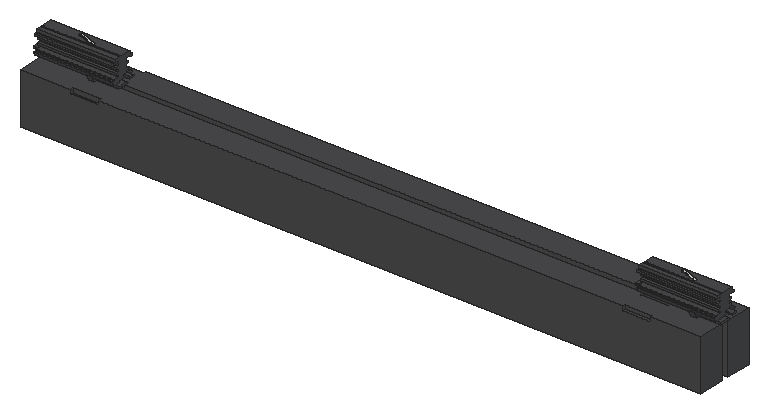
Revit family "STRIPE DOUBLE HEAD RAIL 964_DTM60U9.8_W9.8_N9.8", category Luminarias, Revit 2019
Family settings
  Cota de conector redondo = Diámetro de uso
  Tipo de pieza = Normal
  Se basa en plano de trabajo = Sí
  Siempre vertical = Sí
  Corte con vacíos al cargar = No
  Origen de luz = Sí
  Compartido = No
  Punto de cálculo de habitación = No
Parameters (values of type "STRIPE DOUBLE HEAD RAIL 964_DTM60U9.8")
  Ángulo de inclinación = 60.00°
  Ángulo de enfoque = 90.00°
  Ángulo de campo de foco = 90.00°
  Zone [instance] = ""
  Watt per fixture = 80
  Wattage = 80 W
  built-in parameter 1150107 = 2700 (stored number, unit not read)
  built-in parameter 1150110 = 1 (stored number, unit not read)
  built-in parameter 1150109 = 1 (stored number, unit not read)
  built-in parameter 1150112 = 1 (stored number, unit not read)
  built-in parameter 1150113 = 1 (stored number, unit not read)
  built-in parameter 1114218 = 1 (stored number, unit not read)
  Keynote = ""
  built-in parameter 1150137 = (empty or 0)
  built-in parameter 1150132 = (empty or 0)
  Modelo = "DTM60U9.8"
  Lámpara = "2835 SMD SAMSUNG"
  Light Source Symbol Length = 3048 mm
  built-in parameter 1150105 = 4667.9 (stored number, unit not read)
  built-in parameter 1150102 = (empty or 0)
  built-in parameter 1150106 = 46.679 (stored number, unit not read)
  Lumens = 6320 lm
  Color Filter = 16777215
  built-in parameter 1114217 = 1 (stored number, unit not read)
  built-in parameter 1150139 = (empty or 0)
  Fabricante = "BRILLANT"
  Default Elevation = 1219.2 mm
  built-in parameter 1150104 = 7.3393 (stored number, unit not read)
  Descripción = "LUMINARIA DOWNLIGHT EN FORMATO RECTANGULAR COMPATIBLE CON RIEL DE 6 ENTRADAS Y 3 CIRCUITOS CON CABEZAL PARA PODER DIRIGIR LA LUMINARIA HASTA 90 GRADOS, CUERPO DE ALUMINIO ACABADO EN COLOR NEGRO, IP 20, PESO 4.08Kg, TIPO DE LED 2835 SMD SAMSUNG CON 80W TOTAL, 3050 LUMENES, 79LM/W, IRC 90, TEMPERATURA EN BLANCO CALIDO 2700K, 50 MIL HORAS DE VIDA PROMEDIO, APERTURA DE 90 GRADOS EN STOCK, ALIMENTADO A 90-240V"
  built-in parameter 1150115 = 1 (stored number, unit not read)
  built-in parameter 1150114 = 1 (stored number, unit not read)
  Comentarios de vataje = "90-240V"
  built-in parameter 1150138 = (empty or 0)
  built-in parameter 1150134 = (empty or 0)
  Circuit [instance] = ""
  Dimming Lamp Color Temperature Shift = (empty or 0)
  Longitud de símbolo de origen de luz = 3048 mm
Types (3, lengths in mm): name | built-in parameter 1150107 | Modelo | built-in parameter 1150105 | built-in parameter 1150106 | Lumens | built-in parameter 1150104 | Descripción | built-in parameter 1150134
  STRIPE DOUBLE HEAD RAIL 964_DTM60U9.8 | 2700 (stored number, unit not read) | "DTM60U9.8" | 4667.9 (stored number, unit not read) | 46.679 (stored number, unit not read) | 6320 lm | 7.3393 (stored number, unit not read) | "LUMINARIA DOWNLIGHT EN FORMATO RECTANGULAR COMPATIBLE CON RIEL DE 6 ENTRADAS Y 3 CIRCUITOS CON CABEZAL PARA PODER DIRIGIR LA LUMINARIA HASTA 90 GRADOS, CUERPO DE ALUMINIO ACABADO EN COLOR NEGRO, IP 20, PESO 4.08Kg, TIPO DE LED 2835 SMD SAMSUNG CON 80W TOTAL, 3050 LUMENES, 79LM/W, IRC 90, TEMPERATURA EN BLANCO CALIDO 2700K, 50 MIL HORAS DE VIDA PROMEDIO, APERTURA DE 90 GRADOS EN STOCK, ALIMENTADO A 90-240V" | (empty or 0)
  STRIPE DOUBLE HEAD RAIL 964_DTM60W9.8 | 3000 (stored number, unit not read) | "DTM60W9.8" | 4727 (stored number, unit not read) | 47.27 (stored number, unit not read) | 6400 lm | 7.4322 (stored number, unit not read) | "LUMINARIA DOWNLIGHT EN FORMATO RECTANGULAR COMPATIBLE CON RIEL DE 6 ENTRADAS Y 3 CIRCUITOS CON CABEZAL PARA PODER DIRIGIR LA LUMINARIA HASTA 90 GRADOS, CUERPO DE ALUMINIO ACABADO EN COLOR NEGRO, IP 20, PESO 4.08Kg, TIPO DE LED 2835 SMD SAMSUNG CON 80W TOTAL, 3100 LUMENES, 80LM/W, IRC 90, TEMPERATURA EN BLANCO CALIDO 3000K, 50 MIL HORAS DE VIDA PROMEDIO, APERTURA DE 90 GRADOS EN STOCK, ALIMENTADO A 90-240V" | (empty or 0)
  STRIPE DOUBLE HEAD RAIL 964_DTM60N9.8 | 4000 (stored number, unit not read) | "DTM60N9.8" | 4786.1 (stored number, unit not read) | 47.861 (stored number, unit not read) | 6480 lm | 7.5251 (stored number, unit not read) | "LUMINARIA DOWNLIGHT EN FORMATO RECTANGULAR COMPATIBLE CON RIEL DE 6 ENTRADAS Y 3 CIRCUITOS CON CABEZAL PARA PODER DIRIGIR LA LUMINARIA HASTA 90 GRADOS, CUERPO DE ALUMINIO ACABADO EN COLOR NEGRO, IP 20, PESO 4.08Kg, TIPO DE LED 2835 SMD SAMSUNG CON 80W TOTAL, 3150 LUMENES, 81LM/W, IRC 90, TEMPERATURA EN BLANCO FRIO 4000K, 50 MIL HORAS DE VIDA PROMEDIO, APERTURA DE 90 GRADOS EN STOCK, ALIMENTADO A 90-240V" | 12
Reference planes
  plane 1 "Centro (Frontal/Posterior)": y = 0
  plane 2: z = 0
  plane 3 "Centro (Izquierda/Derecha)": x = 0
Forms (mm)
  Extrusion 1, solid, material "Default Form", not visible
    sketch origin (-55.628, 0, 7.5) x (0, 1, 0) y (0, 0, 1)
      loop
        line (-7.273, 1.74) -> (7.273, 1.74) -> (7.273, 0) -> (15.231, 0) -> (17.006, 4.494) -> (15.021, 4.494) -> (14.058, 5.868) -> (14.058, 7.166) -> (6.473, 7.166) -> (6.473, 9.324) -> (10.169, 10.163) -> (10.169, 12.464) -> (6.473, 13.302) -> (6.473, 16.66) -> (10.169, 17.499) -> (10.169, 19.8) -> (6.473, 20.638) -> (6.473, 25.016) -> (13.839, 25.016) -> (14.514, 24.341) -> (15.775, 24.341) -> (15.775, 27.171) -> (14.73, 27.171) -> (14.058, 26.499) -> (6.473, 26.499) -> (6.473, 27.299) -> (12.377, 27.299) -> (12.377, 31.471) -> (-2.744, 31.471) -> (-2.744, 30.671) -> (-5.514, 30.671) -> (-5.514, 31.471) -> (-12.377, 31.471) -> (-12.377, 27.299) -> (-6.473, 27.299) -> (-6.473, 26.499) -> (-14.058, 26.499) -> (-14.73, 27.171) -> (-15.775, 27.171) -> (-15.775, 24.341) -> (-14.514, 24.341) -> (-13.839, 25.016) -> (-6.473, 25.016) -> (-6.473, 20.638) -> (-10.169, 19.8) -> (-10.169, 17.499) -> (-6.473, 16.66) -> (-6.473, 13.302) -> (-10.169, 12.464) -> (-10.169, 10.163) -> (-6.473, 9.324) -> (-6.473, 7.166) -> (-14.058, 7.166) -> (-14.058, 5.868) -> (-15.021, 4.494) -> (-17.006, 4.494) -> (-15.231, 0) -> (-7.273, 0) -> (-7.273, 1.74)
    from 0 to 111.256
  Extrusion 2, solid, material "Default Form", not visible
    sketch origin (0, 0, 0) x (1, 0, 0) y (0, 1, 0)
      loop
        line (-19.12, 6.873) -> (-19.12, -6.873) -> (19.12, -6.873) -> (19.12, 6.873) -> (-19.12, 6.873)
    from 0 to 2.67
  Extrusion 3, solid, material "Default Form", not visible
    sketch origin (0, 0, 0) x (1, 0, 0) y (0, 1, 0)
      loop
        line (-10.93, 3.188) -> (-10.93, -3.188) -> (10.93, -3.188) -> (10.93, 3.188) -> (-10.93, 3.188)
    from 2.67 to 7.5
  Extrusion 4, solid, material "Acero Inoxidable", not visible
    sketch origin (0, -1.594, 0) x (1, 0, 0) y (0, 0, -1)
      loop
        line (-15, -38.971) -> (3.794, -45.811) -> (4.341, -44.308) -> (3.589, -44.034) -> (3.316, -44.786) -> (-12.661, -38.971) -> (-15, -38.971)
    from 0 to 3.188
  Extrusion 5, solid, material "Default Form", not visible
    sketch origin (-55.628, 0, 7.5) x (0, 1, 0) y (0, 0, 1)
      loop
        line (-7.273, 1.74) -> (7.273, 1.74) -> (7.273, 0) -> (15.231, 0) -> (17.006, 4.494) -> (15.021, 4.494) -> (14.058, 5.868) -> (14.058, 7.166) -> (6.473, 7.166) -> (6.473, 9.324) -> (10.169, 10.163) -> (10.169, 12.464) -> (6.473, 13.302) -> (6.473, 16.66) -> (10.169, 17.499) -> (10.169, 19.8) -> (6.473, 20.638) -> (6.473, 25.016) -> (13.839, 25.016) -> (14.514, 24.341) -> (15.775, 24.341) -> (15.775, 27.171) -> (14.73, 27.171) -> (14.058, 26.499) -> (6.473, 26.499) -> (6.473, 27.299) -> (12.377, 27.299) -> (12.377, 31.471) -> (-2.744, 31.471) -> (-2.744, 30.671) -> (-5.514, 30.671) -> (-5.514, 31.471) -> (-12.377, 31.471) -> (-12.377, 27.299) -> (-6.473, 27.299) -> (-6.473, 26.499) -> (-14.058, 26.499) -> (-14.73, 27.171) -> (-15.775, 27.171) -> (-15.775, 24.341) -> (-14.514, 24.341) -> (-13.839, 25.016) -> (-6.473, 25.016) -> (-6.473, 20.638) -> (-10.169, 19.8) -> (-10.169, 17.499) -> (-6.473, 16.66) -> (-6.473, 13.302) -> (-10.169, 12.464) -> (-10.169, 10.163) -> (-6.473, 9.324) -> (-6.473, 7.166) -> (-14.058, 7.166) -> (-14.058, 5.868) -> (-15.021, 4.494) -> (-17.006, 4.494) -> (-15.231, 0) -> (-7.273, 0) -> (-7.273, 1.74)
    from 0 to 111.256
  Extrusion 6, solid, material "Default Form", not visible
    sketch origin (0, 0, 0) x (1, 0, 0) y (0, 1, 0)
      loop
        line (-19.12, 6.873) -> (-19.12, -6.873) -> (19.12, -6.873) -> (19.12, 6.873) -> (-19.12, 6.873)
    from 0 to 2.67
  Extrusion 7, solid, material "Default Form", not visible
    sketch origin (0, 0, 0) x (1, 0, 0) y (0, 1, 0)
      loop
        line (-10.93, 3.188) -> (-10.93, -3.188) -> (10.93, -3.188) -> (10.93, 3.188) -> (-10.93, 3.188)
    from 2.67 to 7.5
  Extrusion 8, solid, material "Acero Inoxidable", not visible
    sketch origin (0, -1.594, 0) x (1, 0, 0) y (0, 0, -1)
      loop
        line (-15, -38.971) -> (3.794, -45.811) -> (4.341, -44.308) -> (3.589, -44.034) -> (3.316, -44.786) -> (-12.661, -38.971) -> (-15, -38.971)
    from 0 to 3.188
  Extrusion 9, solid, material "Default Form", not visible
    sketch origin (0, 0, 0) x (1, 0, 0) y (0, 1, 0)
      loop
        line (-55.628, 6.473) -> (-66.331, 6.473) -> (-66.331, 0) -> (-55.628, 0) -> (-55.628, 6.473)
      loop
        line (55.628, 12.377) -> (55.628, -12.149) -> (60.628, -12.149) -> (60.628, 12.377) -> (55.628, 12.377)
    from 13.368 to 15
  Extrusion 10, solid, material "Default Form"
    sketch origin (-370.744, 0, 7.5) x (0, 1, 0) y (0, 0, -1)
      loop
        line (-7.273, -1.74) -> (-7.273, 0) -> (-15.231, 0) -> (-17.006, -4.494) -> (-15.021, -4.494) -> (-14.058, -5.868) -> (-14.058, -7.166) -> (-6.473, -7.166) -> (-6.473, -9.324) -> (-10.169, -10.163) -> (-10.169, -12.464) -> (-6.473, -13.302) -> (-6.473, -16.66) -> (-10.169, -17.499) -> (-10.169, -19.8) -> (-6.473, -20.638) -> (-6.473, -25.016) -> (-13.839, -25.016) -> (-14.514, -24.341) -> (-15.775, -24.341) -> (-15.775, -27.171) -> (-14.73, -27.171) -> (-14.058, -26.499) -> (-6.473, -26.499) -> (-6.473, -27.299) -> (-12.377, -27.299) -> (-12.377, -31.471) -> (-5.514, -31.471) -> (-5.514, -30.671) -> (-2.744, -30.671) -> (-2.744, -31.471) -> (12.377, -31.471) -> (12.377, -27.299) -> (6.473, -27.299) -> (6.473, -26.499) -> (14.058, -26.499) -> (14.73, -27.171) -> (15.775, -27.171) -> (15.775, -24.341) -> (14.514, -24.341) -> (13.839, -25.016) -> (6.473, -25.016) -> (6.473, -20.638) -> (10.169, -19.8) -> (10.169, -17.499) -> (6.473, -16.66) -> (6.473, -13.302) -> (10.169, -12.464) -> (10.169, -10.163) -> (6.473, -9.324) -> (6.473, -7.166) -> (14.058, -7.166) -> (14.058, -5.868) -> (15.021, -4.494) -> (17.006, -4.494) -> (15.231, 0) -> (7.273, 0) -> (7.273, -1.74) -> (-7.273, -1.74)
    from 0 to 111.256
  Extrusion 11, solid, material "Default Form"
    sketch origin (-389.865, 0, 0) x (-1, 0, 0) y (0, -1, 0)
      loop
        line (-19.12, -6.873) -> (19.12, -6.873) -> (19.12, 6.873) -> (-19.12, 6.873) -> (-19.12, -6.873)
    from 0 to 2.67
  Extrusion 12, solid, material "Default Form"
    sketch origin (-389.865, 0, 0) x (-1, 0, 0) y (0, -1, 0)
      loop
        line (-10.93, -3.188) -> (10.93, -3.188) -> (10.93, 3.188) -> (-10.93, 3.188) -> (-10.93, -3.188)
    from 2.67 to 7.5
  Extrusion 13, solid, material "Acero Inoxidable"
    sketch origin (-426.372, -1.594, 0) x (-1, 0, 0) y (0, 0, 1)
      loop
        line (-15, 38.971) -> (-12.661, 38.971) -> (3.316, 44.786) -> (3.589, 44.034) -> (4.341, 44.308) -> (3.794, 45.811) -> (-15, 38.971)
    from 0 to 3.188
  Extrusion 14, solid, material "Default Form"
    sketch origin (-426.372, 0, 0) x (-1, 0, 0) y (0, -1, 0)
      loop
        line (-55.628, -6.473) -> (-55.628, 0) -> (-66.331, 0) -> (-66.331, -6.473) -> (-55.628, -6.473)
      loop
        line (55.628, -12.377) -> (60.628, -12.377) -> (60.628, 12.149) -> (55.628, 12.149) -> (55.628, -12.377)
    from 13.368 to 15
  Extrusion 15, solid, material "Default Form"
    sketch origin (0, -23.326, 0) x (1, 0, 0) y (0, 0, 1)
      loop
        line (-482, 0) -> (-482, -72) -> (482, -72) -> (482, 0) -> (-482, 0)
    from -18.326 to 18.326
  Blend 16, void
    base sketch origin (0, -23.326, 0) x (1, 0, 0) y (0, 1, 0)
      loop
        line (-479.744, 16.149) -> (-479.744, -16.149) -> (480.141, -16.149) -> (480.141, 16.149) -> (-479.744, 16.149)
    top sketch origin (0, -23.326, 0) x (1, 0, 0) y (0, 1, 0)
      loop
        line (-478, 12.149) -> (-478, -12.149) -> (478, -12.149) -> (478, 12.149) -> (-478, 12.149)
    from -72 to -61.591
  Extrusion 17, void
    sketch origin (0, -23.326, 0) x (1, 0, 0) y (0, 1, 0)
      loop
        line (-410.464, 18.326) -> (-410.464, 14.276) -> (-370.744, 14.276) -> (-370.744, 18.326) -> (-410.464, 18.326)
      loop
        line (-410.464, -18.326) -> (-370.744, -18.326) -> (-370.744, -14.276) -> (-410.464, -14.276) -> (-410.464, -18.326)
      loop
        line (410.464, 18.326) -> (370.744, 18.326) -> (370.744, 14.276) -> (410.464, 14.276) -> (410.464, 18.326)
      loop
        line (410.464, -18.326) -> (410.464, -14.276) -> (370.744, -14.276) -> (370.744, -18.326) -> (410.464, -18.326)
    from -6.015 to 0
  Extrusion 18, solid, material "Default Form"
    sketch origin (-268.845, 0, 0) x (0, 1, 0) y (0, 0, -1)
      loop
        line (15.231, -7.5) -> (12.269, 0) -> (-12.269, 0) -> (-15.231, -7.5) -> (-7.273, -7.5) -> (-7.273, -9.24) -> (7.273, -9.24) -> (7.273, -7.5) -> (15.231, -7.5)
    from 131.95 to 140.14
  Extrusion 19, solid, material "Cristal"
    sketch origin (0, 0, 0) x (1, 0, 0) y (0, 1, 0)
      loop
        line (-479.744, -7.176) -> (-479.744, -39.475) -> (480.141, -39.475) -> (480.141, -7.176) -> (-479.744, -7.176)
    from -72 to -71.433
  Extrusion 20, solid, material "Default Form"
    sketch origin (482, 0, 7.5) x (0, 1, 0) y (0, 0, -1)
      loop
        line (-7.273, -1.74) -> (-7.273, 0) -> (-15.231, 0) -> (-17.006, -4.494) -> (-15.021, -4.494) -> (-14.058, -5.868) -> (-14.058, -7.166) -> (-6.473, -7.166) -> (-6.473, -9.324) -> (-10.169, -10.163) -> (-10.169, -12.464) -> (-6.473, -13.302) -> (-6.473, -16.66) -> (-10.169, -17.499) -> (-10.169, -19.8) -> (-6.473, -20.638) -> (-6.473, -25.016) -> (-13.839, -25.016) -> (-14.514, -24.341) -> (-15.775, -24.341) -> (-15.775, -27.171) -> (-14.73, -27.171) -> (-14.058, -26.499) -> (-6.473, -26.499) -> (-6.473, -27.299) -> (-12.377, -27.299) -> (-12.377, -31.471) -> (-5.514, -31.471) -> (-5.514, -30.671) -> (-2.744, -30.671) -> (-2.744, -31.471) -> (12.377, -31.471) -> (12.377, -27.299) -> (6.473, -27.299) -> (6.473, -26.499) -> (14.058, -26.499) -> (14.73, -27.171) -> (15.775, -27.171) -> (15.775, -24.341) -> (14.514, -24.341) -> (13.839, -25.016) -> (6.473, -25.016) -> (6.473, -20.638) -> (10.169, -19.8) -> (10.169, -17.499) -> (6.473, -16.66) -> (6.473, -13.302) -> (10.169, -12.464) -> (10.169, -10.163) -> (6.473, -9.324) -> (6.473, -7.166) -> (14.058, -7.166) -> (14.058, -5.868) -> (15.021, -4.494) -> (17.006, -4.494) -> (15.231, 0) -> (7.273, 0) -> (7.273, -1.74) -> (-7.273, -1.74)
    from 0 to 111.256
  Extrusion 21, solid, material "Default Form"
    sketch origin (462.88, 0, 0) x (-1, 0, 0) y (0, -1, 0)
      loop
        line (-19.12, -6.873) -> (19.12, -6.873) -> (19.12, 6.873) -> (-19.12, 6.873) -> (-19.12, -6.873)
    from 0 to 2.67
  Extrusion 22, solid, material "Default Form"
    sketch origin (462.88, 0, 0) x (-1, 0, 0) y (0, -1, 0)
      loop
        line (-10.93, -3.188) -> (10.93, -3.188) -> (10.93, 3.188) -> (-10.93, 3.188) -> (-10.93, -3.188)
    from 2.67 to 7.5
  Extrusion 23, solid, material "Acero Inoxidable"
    sketch origin (426.372, -1.594, 0) x (-1, 0, 0) y (0, 0, 1)
      loop
        line (-15, 38.971) -> (-12.661, 38.971) -> (3.316, 44.786) -> (3.589, 44.034) -> (4.341, 44.308) -> (3.794, 45.811) -> (-15, 38.971)
    from 0 to 3.188
  Extrusion 24, solid, material "Default Form"
    sketch origin (426.372, 0, 0) x (-1, 0, 0) y (0, -1, 0)
      loop
        line (-55.628, -6.473) -> (-55.628, 0) -> (-66.331, 0) -> (-66.331, -6.473) -> (-55.628, -6.473)
      loop
        line (55.628, -12.377) -> (60.628, -12.377) -> (60.628, 12.149) -> (55.628, 12.149) -> (55.628, -12.377)
    from 13.368 to 15
  Extrusion 25, solid, material "Default Form"
    sketch origin (583.899, 0, 0) x (0, 1, 0) y (0, 0, -1)
      loop
        line (15.231, -7.5) -> (12.269, 0) -> (-12.269, 0) -> (-15.231, -7.5) -> (-7.273, -7.5) -> (-7.273, -9.24) -> (7.273, -9.24) -> (7.273, -7.5) -> (15.231, -7.5)
    from 131.95 to 140.14
  Extrusion 26, solid, material "Default Form"
    sketch origin (0, 23.326, 0) x (1, 0, 0) y (0, 0, -1)
      loop
        line (-482, 0) -> (482, 0) -> (482, 72) -> (-482, 72) -> (-482, 0)
    from -18.326 to 18.326
  Blend 27, void
    base sketch origin (0, 23.326, 0) x (1, 0, 0) y (0, 1, 0)
      loop
        line (-479.744, -16.149) -> (480.141, -16.149) -> (480.141, 16.149) -> (-479.744, 16.149) -> (-479.744, -16.149)
    top sketch origin (0, 23.326, 0) x (1, 0, 0) y (0, 1, 0)
      loop
        line (-478, -12.149) -> (478, -12.149) -> (478, 12.149) -> (-478, 12.149) -> (-478, -12.149)
    from -72 to -61.591
  Extrusion 28, void
    sketch origin (0, 23.326, 0) x (1, 0, 0) y (0, 1, 0)
      loop
        line (-410.464, -18.326) -> (-370.744, -18.326) -> (-370.744, -14.276) -> (-410.464, -14.276) -> (-410.464, -18.326)
      loop
        line (-410.464, 18.326) -> (-410.464, 14.276) -> (-370.744, 14.276) -> (-370.744, 18.326) -> (-410.464, 18.326)
      loop
        line (410.464, -18.326) -> (410.464, -14.276) -> (370.744, -14.276) -> (370.744, -18.326) -> (410.464, -18.326)
      loop
        line (410.464, 18.326) -> (370.744, 18.326) -> (370.744, 14.276) -> (410.464, 14.276) -> (410.464, 18.326)
    from -6.015 to 0
  Extrusion 29, solid, material "Cristal"
    sketch origin (0, 0, 0) x (1, 0, 0) y (0, 1, 0)
      loop
        line (-479.744, 7.176) -> (480.141, 7.176) -> (480.141, 39.475) -> (-479.744, 39.475) -> (-479.744, 7.176)
    from -72 to -71.433
Cuts and joins
  Blend 16, Extrusion 17, Blend 27, Extrusion 28 cuts Extrusion 15
  Blend 27, Extrusion 28 cuts Extrusion 26
  Extrusion 28 cuts Extrusion 11
  Extrusion 28 cuts Extrusion 18
Dimensions and locks
  Extrusion 15 to Extrusion 15 = 36.651 mm
  cut or joined group of Extrusion 15, Blend 16, Extrusion 17, Blend 27, Extrusion 28 to cut or joined group of Extrusion 15, Blend 16, Extrusion 17, Blend 27, Extrusion 28 = 964 mm
  cut or joined group of Extrusion 15, Blend 16, Extrusion 17, Blend 27, Extrusion 28 to cut or joined group of Extrusion 15, Blend 16, Extrusion 17, Blend 27, Extrusion 28 = 72 mm  (x2)
  aligned and locked: level to plane 2
  aligned and locked: Extrusion 10 to Extrusion 12
  aligned and locked: Extrusion 11 to Extrusion 12
  aligned and locked: Extrusion 18 to Extrusion 11
  aligned and locked: Extrusion 18 to Extrusion 12
  aligned and locked: cut or joined group of Extrusion 15, Blend 16, Extrusion 17, Blend 27, Extrusion 28 to Extrusion 19  (x2)
  aligned and locked: Extrusion 19 to cut or joined group of Extrusion 15, Blend 16, Extrusion 17, Blend 27, Extrusion 28  (x2)
  aligned and locked: Extrusion 20 to Extrusion 22
  aligned and locked: Extrusion 21 to Extrusion 22
  aligned and locked: Extrusion 25 to Extrusion 21
  aligned and locked: Extrusion 25 to Extrusion 22
Connectors
  electrical at (0, -23.326, 0)
    settings: on cut or joined group of Extrusion 15, Blend 16, Extrusion 17, Blend 27, Extrusion 28, index 1, voltage 240 V, apparent load 0 VA, apparent load phase1 0 VA, apparent load phase2 0 VA, apparent load phase3 0 VA, power factor 1, load classification "Otro", number of poles 1, system type 31, power factor state 1, is connector primary yes, connector utility no, sub classification motor no, connector description ""
